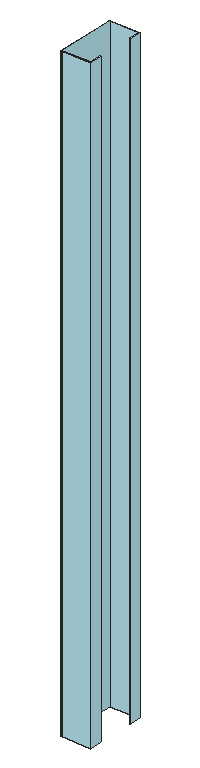
Revit family "(JIS)100×50×20×1.6", category 機械設備, Revit 2020
Family settings
  丸型コネクタ寸法 = 直径を使用
  種別 = なし
  パーツ タイプ = 標準
  作業面ベース = いいえ
  常に垂直 = はい
  ロード時にボイドで切り取り = いいえ
  共有 = いいえ
  部屋計算ポイント = いいえ
Parameters
  製造元 = "株式会社桐井製作所"
  既定の高さ = 0 mm
  URL = "https://www.kirii.co.jp/"
  K_長さ(mm) [instance] = 1000 mm
  K_材質 = "SSC400"
  K_断面積A(mm2) = 367.1
  K_断面係数Zy(mm3) = 4462
  K_断面係数Zx(mm3) = 11680
  K_断面2次半径iy(mm) = 19.5
  K_断面2次半径ix(mm) = 39.9
  K_断面2次モーメントIy(mm4) = 139800
  K_断面2次モーメントIx(mm4) = 584100
  K_外形寸法(mm) = "100×50×20×1.6"
  K_品名 = "(JIS)100×50×20×1.6"
  K_名称 = "補強材"
  K_単位質量(kg/m) = 2.924
  K_ヤング係数E(N/mm2) = 205000
  K_バージョン情報 = "20210524"
  K_めっき付着量 = "Z12"
  K_JIS規格 = "JIS G 3350"
Reference planes
  plane 1 "中心(正面/背面)": y = 0
  plane 2: z = 0
  plane 3 "中心(左/右)": x = 0
  plane 4: z = 1000
  plane 5: y = 100
Forms (mm)
  Extrusion 1, solid
    sketch origin (0, 0, 0) x (1, 0, 0) y (0, 1, 0)
      loop
        line (0, 0) -> (50, 0) -> (50, 20) -> (48.4, 20) -> (48.4, 1.6) -> (1.6, 1.6) -> (1.6, 98.4) -> (48.4, 98.4) -> (48.4, 80) -> (50, 80) -> (50, 100) -> (0, 100) -> (0, 0)
    from 0 to 1000
Dimensions and locks
  "K_長さ(mm)": plane 4 to plane 2
  aligned and locked: level to plane 2
  aligned and locked: plane 4 to Extrusion 1
  aligned and locked: plane 5 to Extrusion 1  (x2)
Automatic sketch dimensions
  Extrusion 1 sketch curve to plane 3 "中心(左/右)" = 0 mm
  plane 1 "中心(正面/背面)" to Extrusion 1 sketch curve = 0 mm
  plane 3 "中心(左/右)" to Extrusion 1 sketch curve = 1.6 mm
  Extrusion 1 sketch curve to plane 1 "中心(正面/背面)" = 20 mm
  Extrusion 1 sketch curve to Extrusion 1 sketch curve = 46.8 mm  (x2)
  Extrusion 1 sketch curve to Extrusion 1 sketch curve = 1.6 mm  (x3)
  Extrusion 1 sketch curve to plane 1 "中心(正面/背面)" = 1.6 mm
  Extrusion 1 sketch curve to Extrusion 1 sketch curve = 60 mm
  Extrusion 1 sketch curve to Extrusion 1 sketch curve = 18.4 mm
